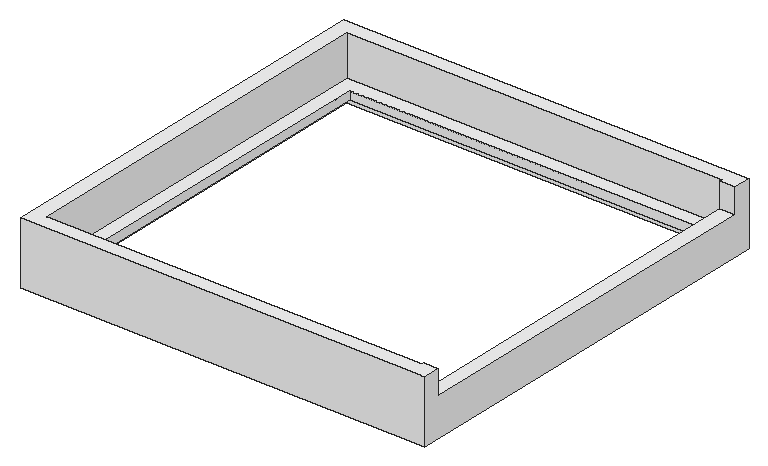
Revit family "Gira_028228", category Electrical Fixtures, host Face, Revit 2017
Family settings
  Host = Face
  Maintain Annotation Orientation = No
  Round Connector Dimension = Use Diameter
  Part Type = Normal
  Cut with Voids When Loaded = No
  Shared = No
  Room Calculation Point = No
Parameters (values of type "Adapterrahmen quadr. 50 x 50 mm System 55 Anthrazit")
  URL = "http://katalog.gira.de/de_DE/datenblatt.html?artikelnr=028228"
  Region = "DE"
  Name = "Adapterrahmen quadr. 50 x 50 mm System 55 Anthrazit"
  Mit Textfeld = "No"
  Mit Klappdeckel = "No"
  Manufacturer URL = "https://www.gira.de/"
  Keynote = "Sys55_Adapterrahmen_50x50"
  HeinzeBIM = "https://bimportal.heinze.de/bim/adapterrahmen-quadr-50-x-50-mm-system-55-anthrazit/7da91eb8375fb8b98f2a67fb3c9e722437cbcedf"
  HAN = "028228"
  GTIN = "4010337282280"
  Farbe = "anthrazit"
  Default Elevation = 1219.2 mm
  Data sheet (1) = "https://katalog.gira.de/de_DE/download.html?artikelnr=028228"
  Category = "Übergangsadapter für Installationsschalterprogramme"
  Available = "Yes"
  Abschließbar = "No"
  Abmessungen = "quadratisch 50 mm / quadratisch 50 mm"
Reference planes
  plane 1 "Center (Front/Back)": y = 0
  plane 2: z = 0
  plane 3 "Center (Left/Right)": x = 0
  plane 4: y = 27.7
  plane 5: y = -27.7
  plane 6: x = 27.7
  plane 7: x = -27.7
  plane 8: y = -25.4
  plane 9: y = 25.4
Forms (mm)
  Extrusion 1, solid, material "White", detail levels fine
    sketch origin (0, 0, 0) x (1, 0, 0) y (0, 1, 0)
      loop
        line (-27.7, 27.7) -> (-27.7, -27.7) -> (27.7, -27.7) -> (27.7, 27.7) -> (-27.7, 27.7)
      loop
        line (-25.7, 25.7) -> (-25.7, -25.7) -> (25.7, -25.7) -> (25.7, 25.7) -> (-25.7, 25.7)
    from 0 to 8.6
  Extrusion 2, solid, material "White", detail levels fine
    sketch origin (0, 0, 0) x (1, 0, 0) y (0, 1, 0)
      loop
        line (-25.7, 25.7) -> (-25.7, -25.7) -> (25.7, -25.7) -> (25.7, 25.7) -> (-25.7, 25.7)
      loop
        line (-23.7, 23.7) -> (-23.7, -23.7) -> (23.7, -23.7) -> (23.7, 23.7) -> (-23.7, 23.7)
    from 1.9 to 3.1
  Extrusion 3, void, detail levels fine
    sketch origin (0, 0, 0) x (1, 0, 0) y (0, 1, 0)
      loop
        line (27.7, 25.4) -> (25.7, 25.4) -> (25.7, -25.4) -> (27.7, -25.4) -> (27.7, 25.4)
    from 5.2 to 10
  Extrusion 4, solid, material "White", detail levels coarse+medium
    sketch origin (0, 0, 0) x (1, 0, 0) y (0, 1, 0)
      loop
        line (-27.7, 27.7) -> (-27.7, -27.7) -> (27.7, -27.7) -> (27.7, 27.7) -> (-27.7, 27.7)
    from 0 to 8.6
Cuts and joins
  Extrusion 3 cuts Extrusion 1
  Extrusion 3 cuts Extrusion 2
Dimensions and locks
  aligned and locked: plane 2 to host face
  aligned and locked: level to host face
